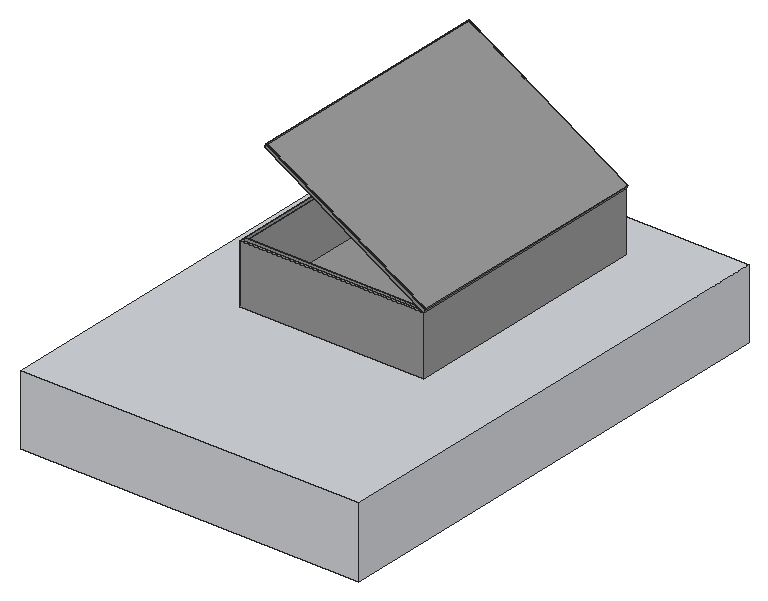
Revit family "Hager-Univers-IP55-D275-H1100-Cl.II-Steel_encl-ES-es", category Equipement électrique, Revit 2020
Family settings
  Hôte = Face
  Configuration du panneau = Deux colonnes, circuits au sein
  Cote de connecteur circulaire = Utiliser le diamètre
  Type d'élément = Tableau de raccordement
  Couper avec des vides une fois chargée = Non
  Partagée = Non
  Point de calcul de pièce = Non
Parameters (values of type "Montado superficial (escayola) IP55 A800 A1100 P275  - FR73S")
  Width Control [instance] = if([EF000008 - Anchura] > Min Width, [EF000008 - Anchura], Min Width)  # 800 mm
  Commentaires du type = [HG000003 - Gama]  # "Univers"
  Thickness Door [instance] = if([EF009171 - Espesor puerta/tapa] > 3 mm, 3 mm, [EF009171 - Espesor puerta/tapa])  # 1.5 mm
  Seal Frame Offset [instance] = 17 mm  # constant formula
  Plinth Visibility [instance] = [HG000027 - Altura de zócalo] > 0 mm  # no
  Model = ""
  Min Width [instance] = 100 mm  # constant formula
  Min Height [instance] = 100 mm  # constant formula
  Min Depth [instance] = (2 * [EF009170 - Espesor del material de la caja]) + 1 mm  # 4 mm
  Internal Frame Depth [instance] = (Door System Depth * 0.5)  # 9 mm
  Height Control [instance] = if([EF000040 - Altura] > Min Height, [EF000040 - Altura], Min Height)  # 1100 mm
  HG000027 - Altura de zócalo = 0 mm
  HG000026 - Instalación en suelo = no
  HG000024 - Altura de la sección inferior = 800 mm
  HG000023 - Caja de doble sección = no
  HG000016 - Visibilidad de la puerta 3D [instance] = yes
  HG000015 - Visibilidad a través de la puerta [instance] = no
  HG000014 - Puerta a la derecha [instance] = yes
  HG000013 - Puerta a la izquierda [instance] = not([HG000014 - Puerta a la derecha])  # no
  HG000012 - Ángulo de giro de la puerta [instance] = 30.00°
  HG000010 - Puertas asimétricas = no
  HG000009 - Puerta batiente doble = no
  HG000006 - Empotrado = no
  HG000004 - Referencia del fabricante = "FR73S"
  HG000003 - Gama = "Univers"
  HG000002 - Con puerta o tapa = yes
  Frame Offset Bottom [instance] = 10 mm  # constant formula
  Frame Offset [instance] = 15 mm  # constant formula
  EF015940 - Tapa con alivio de sobrepresión = no
  EF011959 - Grado de protección (NEMA) = ""
  EF009554 - Número de aberturas para placas-brida = 6
  Fabricant = "Hager"  # constant formula
  EF009212 - Versión de la cubierta = "EV000116 - Cerrado"
  EF009171 - Espesor puerta/tapa = 1.5 mm
  EF009170 - Espesor del material de la caja = 1.5 mm
  EF008873 - Corriente nominal (In) = 800 A
  EF007800 - Adecuado para la protección contra rayos = no
  EF006306 - Con cierre = no
  EF006244 - Tapa/puerta transparente = no
  EF005474 - Grado de protección (IP) = "EV006420 - IP55"
  EF004464 - Tipo de puerta = "EV002646 - Único"
  EF004427 - Número de módulos = 252
  EF004293 - Resistencia al impacto (IK) = "EV008784 - IK10"
  EF003532 - Adecuado para uso en exteriores = no
  EF002950 - Anchura de unidades de división = 24
  EF001613 - Integridad del circuito = "EV000494 - Ninguno"
  EF001596 - Material de la carcasa = "EV000179 - Acero"
  EF001131 - Profundidad interna = 275 mm
  EF001088 - Posibilidad de extensión = yes
  EF000437 - Número de entradas de conductos de cables = 6
  EF000339 - Tipo de cubierta = "EV004216 - Puerta"
  EF000266 - Número de filas = 7
  EF000218 - Profundidad de instalación = 0 mm
  EF000118 - Con placa de montaje = no
  EF000116 - Número RAL = "7035"
  EF000049 - Profundidad = 275 mm
  EF000040 - Altura = 1100 mm
  EF000008 - Anchura = 800 mm
  EF000007 - Color = "EV000270 - Gris"
  EF000003 - Tipo de montaje = "EV000384 - Montado superficial (escayola)"
  Door System Leaf Tolerance [instance] = 1.5 mm  # constant formula
  Door System Depth [instance] = 18 mm  # constant formula
  Door Height [instance] = Height Control - [HG000027 - Altura de zócalo]  # 1100 mm
  Depth Control [instance] = if([EF000049 - Profundidad] > Min Depth, [EF000049 - Profundidad], Min Depth)  # 275 mm
  Default Elevation = 0 mm
  Connector Offset [instance] = Height Control / 2  # 550 mm
  Bottom Top Plate Trim [instance] = 1.5 mm  # constant formula
  Plinth height Ctrl [instance] = if([HG000027 - Altura de zócalo] > 0 mm, [HG000027 - Altura de zócalo], 12 mm)  # 12 mm
Types (5, lengths in mm): name | Width Control | HG000010 - Puertas asimétricas | HG000009 - Puerta batiente doble | HG000004 - Referencia del fabricante | EF009554 - Número de aberturas para placas-brida | EF004464 - Tipo de puerta | EF004427 - Número de módulos | EF000437 - Número de entradas de conductos de cables | EF000008 - Anchura
  Montado superficial (escayola) IP55 A1050 A1100 P275  - FR74S | 1050 | no | yes | "FR74S" | 8 | "EV003602 - Doble" | 336 | 8 | 1050
  Montado superficial (escayola) IP55 A1300 A1100 P275  - FR75S | 1300 | yes | yes | "FR75S" | 10 | "EV003602 - Doble" | 420 | 10 | 1300
  Montado superficial (escayola) IP55 A300 A1100 P275  - FR71S | 300 | no | no | "FR71S" | 2 | "EV002646 - Único" | 84 | 2 | 300
  Montado superficial (escayola) IP55 A550 A1100 P275  - FR72S | 550 | no | no | "FR72S" | 4 | "EV002646 - Único" | 168 | 4 | 550
  Montado superficial (escayola) IP55 A800 A1100 P275  - FR73S | 800 | no | no | "FR73S" | 6 | "EV002646 - Único" | 252 | 6 | 800
Reference planes
  plane 1 "Center (Front/Back)": y = 0
  plane 2: z = 0
  plane 3 "Center (Left/Right)": x = 0
  plane 4: z = 275
  plane 5: y = 1.5
  plane 6: y = 550
  plane 7: y = 0
  plane 8: y = 1100
  plane 9: z = 0
  plane 10: x = -385
  plane 11: x = 385
  plane 12: x = 383.5
  plane 13: x = -383.5
  plane 14: y = 1098.5
  plane 15: x = -383
  plane 16: x = -400
  plane 17: x = 383
  plane 18: x = 400
  plane 19: x = 398.5
  plane 20: x = -398.5
  plane 21: y = 11.5
  plane 22: y = 1100
  plane 23: y = 1083.5
  plane 24: z = 257
  plane 25: z = 1.5
  plane 26: z = 255.5
  plane 27: z = 273.5
Forms (mm)
  Extrusion 1, solid
    sketch origin (0, 0, 0) x (1, 0, 0) y (0, 1, 0)
      loop
        line (-702.964, 1305) -> (-702.964, -811.445) -> (766.763, -811.445) -> (766.763, 1305) -> (-702.964, 1305)
    from 0 to -304.8
  Extrusion 2, solid, material "Hager_Steel_RAL7035_Light_Grey", visible <- "Plinth Visibility", detail levels medium+fine
    sketch origin (0, 0, 0) x (1, 0, 0) y (0, 1, 0)
      loop
        line (-400, 0) -> (400, 0) -> (400, 12) -> (-400, 12) -> (-400, 0)
    from 0 to 257
  Extrusion 3, solid, material "Hager_Steel_RAL7035_Light_Grey", detail levels medium+fine
    sketch origin (0, 0, 0) x (1, 0, 0) y (0, 1, 0)
      loop
        line (-400, 0) -> (400, 0) -> (400, 1100) -> (-400, 1100) -> (-400, 0)
    from 0 to 257
  Extrusion 4, void
    sketch origin (0, 0, 0) x (1, 0, 0) y (0, 1, 0)
      loop
        line (-398.5, 1.5) -> (398.5, 1.5) -> (398.5, 1098.5) -> (-398.5, 1098.5) -> (-398.5, 1.5)
    from 1.5 to 255.5
  Extrusion 5, void
    sketch origin (-381.607, -4572, 257) x (0, -1, 0) y (-1, 0, 0)
      loop
        line (-4583.5, 1.893) -> (-5655.5, 1.893) -> (-5655.5, -765.107) -> (-4583.5, -765.107) -> (-4583.5, 1.893)
    from 0 to 1.5 <- "EF009170 - Espesor del material de la caja"
  Extrusion 6, solid, material "Hager_Steel_RAL7035_Light_Grey", detail levels fine
    sketch origin (0, 0, 257) x (1, 0, 0) y (0, 1, 0)
      loop
        line (-383.5, 1083.5) -> (-383.5, 11.5) -> (383.5, 11.5) -> (383.5, 1083.5) -> (-383.5, 1083.5)
      loop
        line (-385, 10) -> (385, 10) -> (385, 1085) -> (-385, 1085) -> (-385, 10)
    from 0 to 9 <- "Internal Frame Depth"
  Extrusion 7, solid, material "Hager_Steel_RAL7035_Light_Grey", detail levels coarse
    sketch origin (0, 0, 0) x (1, 0, 0) y (0, 1, 0)
      loop
        line (-400, 0) -> (400, 0) -> (400, 1100) -> (-400, 1100) -> (-400, 0)
    from 0 to 275
  Sweep 8, void
    path in 3D
      loop
        line (-400, 12, 0) -> (400, 12, 0) -> (400, 12, 257) -> (-400, 12, 257) -> (-400, 12, 0)
    profile origin (-400, 12, 128.5) x (-1, 0, 0) y (0, -1, 0)
      loop
        line (0, 0) -> (0, 1.5) -> (-1.5, 1.5)
        arc (-1.5, 1.5) -> (-1.061, 0.439) -> (0, 0) r 1.5
Cuts and joins
  Extrusion 4, Extrusion 5 cuts Extrusion 3
  Sweep 8 cuts Extrusion 2
Lines and regions (mm)
  Masking region 1
    outline origin (0, 0, 0) x (1, 0, 0) y (0, 0, 1)
      loop
        line (-400, 275) -> (-400, 0) -> (400, 0) -> (400, 275) -> (-400, 275)
  Masking region 2, detail levels medium+fine
    outline origin (0, 140, 0) x (0, 1, 0) y (0, 0, 1)
      loop
        line (-140, 0) -> (960, 0) -> (960, 257) -> (-140, 257) -> (-140, 0)
  Masking region 3, not visible, detail levels medium+fine
    outline origin (0, 297.922, 0) x (0, 1, 0) y (0, 0, 1)
      loop
        line (263.578, 0) -> (303.578, 0) -> (303.578, 263.5)
        arc (303.578, 263.5) -> (300.649, 270.571) -> (293.578, 273.5) r 10
        line (293.578, 273.5) -> (263.578, 273.5) -> (263.578, 0)
  Masking region 4, detail levels coarse
    outline origin (0, 0, 180) x (0, 1, 0) y (0, 0, 1)
      loop
        line (0, -180) -> (1100, -180) -> (1100, 95) -> (0, 95) -> (0, -180)
  Masking region 5, visible <- "Plinth Visibility", detail levels medium+fine
    outline origin (0, 52.24, 12.345) x (0, 0, -1) y (0, 1, 0)
      loop
        line (10.845, -40.24) -> (-243.155, -40.24)
        arc (-243.155, -40.24) -> (-243.594, -41.301) -> (-244.655, -41.74) r 1.5
        line (-244.655, -41.74) -> (-244.655, -52.24) -> (12.345, -52.24) -> (12.345, -41.74)
        arc (12.345, -41.74) -> (11.285, -41.301) -> (10.845, -40.24) r 1.5
  Masking region 6, detail levels medium+fine
    outline origin (-381.607, -4572, 257) x (-1, 0, 0) y (0, -1, 0)
      loop
        line (18.393, -5672) -> (18.393, -4572) -> (-781.607, -4572) -> (-781.607, -5672) -> (18.393, -5672)
  Masking region 7, visible <- "Plinth Visibility", detail levels medium+fine
    outline origin (-381.607, -4727, 257) x (-1, 0, 0) y (0, -1, 0)
      loop
        arc (16.893, -4739) -> (17.332, -4737.939) -> (18.393, -4737.5) r 1.5
        line (18.393, -4737.5) -> (18.393, -4727) -> (-781.607, -4727) -> (-781.607, -4737.5)
        arc (-781.607, -4737.5) -> (-780.546, -4737.939) -> (-780.107, -4739) r 1.5
        line (-780.107, -4739) -> (16.893, -4739)
  Masking region 8, detail levels coarse
    outline origin (-442.548, -4669.526, 257) x (-1, 0, 0) y (0, -1, 0)
      loop
        line (-42.548, -5769.526) -> (-42.548, -4669.526) -> (-842.548, -4669.526) -> (-842.548, -5769.526) -> (-42.548, -5769.526)
  sketch lines
    curve 1: line (-400, 12, 257) -> (-400, 12, 0)
    curve 2: line (400, 12, 257) -> (-400, 12, 257)
    curve 3: line (400, 12, 257) -> (400, 12, 0)
    curve 4: line (-400, 12, 0) -> (400, 12, 0)
Dimensions and locks
  "Depth Control": plane 4 to Extrusion 1
  "HG000027 - Altura de zócalo": plane 1 "Center (Front/Back)" to plane 7
  "EF009170 - Espesor del material de la caja": plane 5 to plane 7
  locked: connector elem to plane 3 "Center (Left/Right)"
  equal spacing: plane 8, plane 6, plane 7
  locked: connector elem to plane 6
  "EF009170 - Espesor del material de la caja": plane 8 to plane 14
  "EF009170 - Espesor del material de la caja": plane 10 to plane 13
  "EF009170 - Espesor del material de la caja": plane 12 to plane 11
  "Frame Offset": plane 20 to plane 13
  "Frame Offset": plane 12 to plane 19
  "EF009170 - Espesor del material de la caja": plane 16 to plane 20
  "EF009170 - Espesor del material de la caja": plane 19 to plane 18
  "Seal Frame Offset": plane 16 to plane 15
  "Seal Frame Offset": plane 17 to plane 18
  "Frame Offset Bottom": plane 21 to plane 5
  "Frame Offset": plane 14 to plane 23
  equal spacing: plane 16, plane 3 "Center (Left/Right)", plane 18
  "Width Control": plane 16 to plane 18
  "EF009170 - Espesor del material de la caja": plane 4 to plane 27
  "EF009170 - Espesor del material de la caja": plane 24 to plane 26
  "EF009170 - Espesor del material de la caja": plane 25 to level
  "Door System Depth": plane 4 to plane 24
  "Height Control": plane 1 "Center (Front/Back)" to Extrusion 7 sketch curve
  "Height Control": Masking region 4 sketch curve to plane 1 "Center (Front/Back)"
  "Height Control": plane 1 "Center (Front/Back)" to plane 22
  "Bottom Top Plate Trim": profile plane to Sweep 8 sketch curve
  "Bottom Top Plate Trim": Sweep 8 sketch curve to profile plane
  "Plinth height Ctrl": plane 1 "Center (Front/Back)" to Extrusion 2 sketch curve
  "Plinth height Ctrl": Masking region 5 sketch curve to plane 1 "Center (Front/Back)"
  "Plinth height Ctrl": plane 1 "Center (Front/Back)" to Masking region 7 sketch curve
  "Thickness Door": Extrusion 6 sketch curve to Extrusion 6 sketch curve  (x3)
  "Thickness Door": cut or joined group of Extrusion 3, Extrusion 4, Extrusion 5 to Extrusion 6 sketch curve
  radius of Masking region 3 sketch curve = 10 mm
  "Bottom Top Plate Trim": radius of Masking region 5 sketch curve  (x2)
  "Bottom Top Plate Trim": radius of Sweep 8 sketch curve
  "Bottom Top Plate Trim": radius of Masking region 7 sketch curve  (x2)
  aligned and locked: plane 2 to Extrusion 1
  aligned and locked: level to Extrusion 1
  aligned and locked: level to Masking region 1 sketch curve
  aligned and locked: Masking region 1 sketch curve to plane 18
  aligned and locked: Masking region 1 sketch curve to plane 16
  aligned and locked: plane 7 to Masking region 2 sketch curve
  aligned and locked: level to Masking region 3 sketch curve
  aligned and locked: Masking region 3 sketch curve to plane 27
  aligned and locked: level to Masking region 2 sketch curve
  aligned and locked: plane 1 "Center (Front/Back)" to Extrusion 2 sketch curve
  aligned and locked: Extrusion 3 sketch curve to plane 7
  aligned and locked: plane 16 to Extrusion 3 sketch curve
  aligned and locked: plane 18 to Extrusion 3 sketch curve
  aligned and locked: plane 20 to Extrusion 4 sketch curve
  aligned and locked: plane 19 to Extrusion 4 sketch curve
  aligned and locked: Extrusion 4 sketch curve to plane 5
  aligned and locked: Extrusion 4 to plane 25
  aligned and locked: plane 26 to Extrusion 4
  aligned and locked: plane 24 to Extrusion 3
  aligned and locked: Extrusion 5 sketch curve to plane 21
  aligned and locked: Extrusion 5 sketch curve to plane 13
  aligned and locked: Extrusion 5 sketch curve to plane 12
  aligned and locked: plane 18 to Extrusion 7 sketch curve
  aligned and locked: plane 1 "Center (Front/Back)" to Extrusion 7 sketch curve
  aligned and locked: plane 16 to Extrusion 7 sketch curve
  aligned and locked: plane 4 to Extrusion 7
  aligned and locked: Extrusion 7 to level
  aligned and locked: level to Masking region 4 sketch curve
  aligned and locked: Masking region 4 sketch curve to plane 1 "Center (Front/Back)"
  aligned and locked: Masking region 4 sketch curve to plane 4
  aligned and locked: nested 1 to level
  aligned and locked: nested 1 to plane 16
  aligned and locked: plane 8 to Extrusion 3 sketch curve
  aligned and locked: plane 23 to Extrusion 5 sketch curve
  aligned and locked: plane 14 to Extrusion 4 sketch curve
  aligned and locked: Masking region 2 sketch curve to plane 8
  aligned and locked: level to Masking region 5 sketch curve
  aligned and locked: plane 16 to Extrusion 2 sketch curve
  aligned and locked: plane 18 to Extrusion 2 sketch curve
  aligned and locked: Masking region 5 sketch curve to plane 24
  aligned and locked: Masking region 2 sketch curve to plane 24
  aligned and locked: plane 24 to Extrusion 2
  aligned and locked: profile plane to Sweep 8 sketch curve  (x2)
  aligned and locked: Masking region 6 sketch curve to plane 18
  aligned and locked: Masking region 6 sketch curve to plane 22
  aligned and locked: Masking region 6 sketch curve to plane 16
  aligned and locked: plane 8 to plane 22
  aligned and locked: Masking region 6 sketch curve to plane 7
  aligned and locked: Masking region 7 sketch curve to plane 16
  aligned and locked: Masking region 7 sketch curve to plane 1 "Center (Front/Back)"
  aligned and locked: Masking region 7 sketch curve to plane 18
  aligned and locked: Masking region 8 sketch curve to plane 1 "Center (Front/Back)"
  aligned and locked: Masking region 8 sketch curve to plane 18
  aligned and locked: Masking region 8 sketch curve to plane 22
  aligned and locked: Masking region 8 sketch curve to plane 16
  aligned and locked: nested 2 to plane 7
  aligned and locked: plane 3 "Center (Left/Right)" to nested 2
  aligned and locked: nested 2 to plane 24
  aligned and locked: Extrusion 6 sketch curve to cut or joined group of Extrusion 3, Extrusion 4, Extrusion 5  (x4)
Automatic sketch dimensions
  Extrusion 1 sketch curve to Extrusion 1 sketch curve = 1469.727 mm
  Extrusion 1 sketch curve to Extrusion 1 sketch curve = 2116.445 mm
  Masking region 1 sketch curve to plane 4 = 0 mm
  plane 6 to Masking region 3 sketch curve = 11.5 mm
  Masking region 3 sketch curve to Masking region 3 sketch curve = 30 mm
  Masking region 5 sketch curve to plane 1 "Center (Front/Back)" = 0 mm
Nested families
  nested 1: "Hager_Enclosure_Symbol" at (-400, 0, 0) x (1, 0, 0) z (0, -1, 0), Height <- "Depth Control", Width <- "Width Control", type "Hager_Enclosure_Symbol"
    with Width_Ctrl 800 mm, Width 800 mm, Height_Ctrl 275 mm, Height 275 mm, A_Width_Int 18.047 mm, A_Width 216.562 mm, A_Height_Ctrl 240.625 mm, A_Height 240.625 mm
  nested 2: "EC000058_Univers_Door" at (0, 0, 257) x (1, 0, 0) z (0, 1, 0), Leaf_Tolerance <- "Door System Leaf Tolerance", Angle <- "HG000012 - Ángulo de giro de la puerta", Door_Depth <- "Door System Depth", Door_Left <- "HG000013 - Puerta a la izquierda", Transparent <- "EF006244 - Tapa/puerta transparente", Assymetrical <- "HG000010 - Puertas asimétricas", Width <- "Width Control", Clearance <- "HG000015 - Visibilidad a través de la puerta", Double <- "HG000009 - Puerta batiente doble", 3d_Door <- "HG000016 - Visibilidad de la puerta 3D", Lock_Visibility <- "EF006306 - Con cierre", Width_Ctrl <- "Width Control", Door_Right <- "HG000014 - Puerta a la derecha", Door <- "HG000002 - Con puerta o tapa", Height <- "Door Height", Thickness <- "Thickness Door", type "EC000058_Univers_Door", detail levels medium+fine
    with min_wh 4 mm, Width_Ctrl 800 mm, Width 800 mm, Transparent no, Thickness 1.5 mm, Seal_Material Hager_Rubber, Lock_Visibility no, Lock_Material Hager_Plastic_RAL9005_Jet_Black, Leaf_Width 800 mm, Leaf_Tolerance_External_Sides 0 mm, Leaf_Tolerance 1.5 mm, Leaf_Offset 0 mm, Leaf_Height 1097 mm, Leaf_2_Width 800 mm, Leaf_2_Offset 400 mm, Leaf_1_Width 800 mm, Leaf_1_Offset 400 mm, Height_Ctrl 1100 mm, Height 1100 mm, Glass_Material Hager_Glass, Double_Clearance_Ctrl no, Double no, Door_Right_Ctrl yes, Door_Right yes, Door_Material Hager_Steel_RAL7035_Light_Grey, Door_Left_Ctrl no, Door_Left no, Door_Depth 18 mm, Door yes, Clearance_Material Hager_Clearance, Clearance_Depth 800 mm, Clearance_Ctrl no, Clearance no, Assymetrical no, Angle 30.00°, 3d_Door yes
Connectors
  electrical at (0, 550, 0)
    settings: on plane 9, index 1, voltage 0 V, apparent load 0 VA, apparent load phase1 0 VA, apparent load phase2 0 VA, apparent load phase3 0 VA, power factor 1, load classification "Other", number of poles 1, system type 30, power factor state 1, is connector primary yes, connector utility no, sub classification motor no, connector description ""
Definition of nested family "EC000058_Univers_Door"
  Parameters (values of type "EC000058_Univers_Door")
    min_wh [instance] = (2 * Thickness) + 1 mm  # 11 mm
    Width_Ctrl [instance] = 400 mm
    Width [instance] = 500 mm
    Transparent [instance] = yes
    Thickness [instance] = 5 mm
    Seal_Material [instance] = none
    Lock_Visibility [instance] = yes
    Lock_Material [instance] = none
    Leaf_Width [instance] = if((Width_Ctrl - 2 * Leaf_Tolerance_External_Sides) > 0 mm, (Width_Ctrl - 2 * Leaf_Tolerance_External_Sides), min_wh)  # 400 mm
    Leaf_Tolerance_External_Sides [instance] = 0 mm  # constant formula
    Leaf_Tolerance [instance] = 1.5 mm
    Leaf_Offset [instance] = 0 mm  # constant formula
    Leaf_Height [instance] = if((Height_Ctrl - 2 * Leaf_Tolerance) > 0 mm, (Height_Ctrl - 2 * Leaf_Tolerance), min_wh)  # 497 mm
    Leaf_2_Width [instance] = if(and(and(Double, Assymetrical), Door_Left), (Leaf_Width / 3) - (Leaf_Tolerance / 2), if(and(and(Double, Assymetrical), Door_Right), (Leaf_Width / 3) * 2 - (Leaf_Tolerance / 2), if(and(Double, not(Assymetrical)), (Leaf_Width / 2) - Leaf_Tolerance, Leaf_Width)))  # 400 mm
    Leaf_2_Offset [instance] = if(and(Double, Assymetrical), Leaf_2_Width / 2, if(and(Double, not(Assymetrical)), Leaf_Width / 4, Leaf_Width / 2))  # 200 mm
    Leaf_1_Width [instance] = if(and(and(Double, Assymetrical), Door_Right), (Leaf_Width / 3) - (Leaf_Tolerance / 2), if(and(and(Double, Assymetrical), Door_Left), (Width / 3) * 2 - (Leaf_Tolerance / 2), if(and(Double, not(Assymetrical)), (Leaf_Width / 2) - Leaf_Tolerance, Leaf_Width)))  # 400 mm
    Leaf_1_Offset [instance] = if(and(Double, Assymetrical), Leaf_1_Width / 2, if(and(Double, not(Assymetrical)), Leaf_Width / 4, Leaf_Width / 2))  # 200 mm
    Height_Ctrl [instance] = if(Height > min_wh, Height, min_wh)  # 500 mm
    Height [instance] = 500 mm
    Glass_Material [instance] = none
    Double_Clearance_Ctrl [instance] = and(Double, Clearance)  # no
    Double [instance] = no
    Door_Right_Ctrl [instance] = and(or(Door_Right, Double), Door)  # yes
    Door_Right [instance] = yes
    Door_Material [instance] = none
    Door_Left_Ctrl [instance] = and(or(Door_Left, Double), Door)  # no
    Door_Left [instance] = no
    Door_Depth [instance] = 30 mm
    Door [instance] = yes
    Default Elevation = 1219.2 mm
    Clearance_Material [instance] = none
    Clearance_Depth [instance] = if(Leaf_1_Width > Leaf_2_Width, Leaf_1_Width, Leaf_2_Width)  # 400 mm
    Clearance_Ctrl [instance] = and(not(Double), Clearance)  # yes
    Clearance [instance] = yes
    Assymetrical [instance] = yes
    Angle [instance] = 30.00°
    3d_Door [instance] = yes
  Reference planes
    plane 1 "Center (Front/Back)": y = 0
    plane 2 "Bottom": z = 0
    plane 3 "Center (Left/Right)": x = 0
    plane 4: z = 500
    plane 5: x = -200
    plane 6: x = 200
    plane 7: z = 500
    plane 8: x = -200
    plane 9: z = 0
    plane 10: x = 200
    plane 11: y = 0
    plane 12: z = 1.5
    plane 13: x = -600
    plane 14: y = -400
    plane 15: x = 600
    plane 16: x = 0
    plane 17: x = 0
    plane 18: x = -200
    plane 19: x = 200
    plane 20: z = 498.5
  Forms (mm)
    Extrusion 1, solid, material <- "Clearance_Material", visible <- "Double_Clearance_Ctrl"
      sketch origin (1200, 0, 0) x (1, 0, 0) y (0, 0, -1)
        loop
          line (-1800, -498.5) -> (-600, -498.5) -> (-600, 0) -> (-1800, 0) -> (-1800, -498.5)
      from 0 to -400
  Dimensions and locks
    equal spacing: plane 5, plane 3 "Center (Left/Right)", plane 6
    "Width_Ctrl": plane 5 to plane 6
    "Leaf_Offset": plane 5 to plane 8
    "Leaf_Offset": plane 6 to plane 10
    "Leaf_Offset": plane 9 to level
    "Leaf_Offset": plane 4 to plane 7
    "Height_Ctrl": plane 4 to level
    "Leaf_Tolerance": plane 12 to plane 9
    locked: plane 11 to plane 1 "Center (Front/Back)"
    "Leaf_1_Offset": plane 18 to plane 16
    "Leaf_2_Offset": plane 17 to plane 19
    "Leaf_1_Width": plane 13 to plane 8
    "Leaf_2_Width": plane 10 to plane 15
    "Clearance_Depth": plane 14 to plane 1 "Center (Front/Back)"
    "Leaf_Tolerance_External_Sides": plane 8 to plane 18
    "Leaf_Tolerance_External_Sides": plane 19 to plane 10
    "Leaf_Tolerance": plane 7 to plane 20
    aligned and locked: level to plane 2 "Bottom"
    aligned and locked: nested 1 to plane 16
    aligned and locked: nested 2 to plane 17
    aligned and locked: Extrusion 1 to plane 13
    aligned and locked: plane 15 to Extrusion 1
    aligned and locked: Extrusion 1 to plane 14
    aligned and locked: plane 12 to nested 1
    aligned and locked: nested 2 to plane 12
    aligned and locked: Extrusion 1 to plane 11
    aligned and locked: plane 20 to Extrusion 1
    aligned and locked: nested 2 to plane 11
    aligned and locked: nested 1 to plane 11
  Automatic sketch dimensions
    Extrusion 1 sketch curve to level = 0 mm
    plane 5 to Extrusion 1 sketch curve = 400 mm
    plane 6 to Extrusion 1 sketch curve = 400 mm
    Extrusion 1 sketch curve to plane 4 = 1.5 mm
  Nested families
    nested 1: "EC000058_Univers_Door_Leaf" at (0, 0, 1.5), Width <- "Leaf_1_Width", visible <- "Door_Left_Ctrl", Leaf_Height <- "Leaf_Height", Angle <- "Angle", 3d_Door <- "3d_Door", Transparent <- "Transparent", Clearance Material <- "Clearance_Material", Clearance <- "Clearance_Ctrl", Door_Material <- "Door_Material", Glass_Material <- "Glass_Material", Door_Depth <- "Door_Depth", Lock_Material <- "Lock_Material", Seal_Material <- "Seal_Material", Lock_Visibility <- "Lock_Visibility", Thickness <- "Thickness", type "EC000058_Univers_Door_Leaf"
      with Width 400 mm, Transparent_Glass_Offset 30 mm, Transparent_Ctrl yes, Transparent yes, Thickness 5 mm, Standard no, Seal_Material none, Seal_D2 8 mm, Seal_D1 1 mm, Offset_Internal_Frame 10 mm, Lock_Width 20 mm, Lock_Visibility_3d yes, Lock_Visibility yes, Lock_Thickness_3 3 mm, Lock_Thickness_2 1 mm, Lock_Thickness_1 3 mm, Lock_Radius_Offset_2 16 mm, Lock_Radius_Offset_1 15 mm, Lock_Radius_2 5 mm, Lock_Radius 6 mm, Lock_Offset 5 mm, Lock_Material none, Lock_Height 80 mm, Lock_Cover_Top_Offset_2d 17 mm, Lock_Cover_Height -65 mm, Leaf_Height 497 mm, Internal_Seal_Thickness 8 mm, Internal_Seal_Depth_2 4.5 mm, Internal_Frame_Depth 25 mm, Glass_Thickness -1 mm, Glass_Offset -2 mm, Glass_Material none, Door_Material none, Door_Depth 30 mm, Clearance Material none, Clearance yes, Angle_Ctrl 30.00°, Angle 30.00°, 3d_Door yes
    nested 2: "EC000058_Univers_Door_Leaf" at (0, 0, 1.5) x (-1, 0, 0) z (0, 0, 1), Width <- "Leaf_2_Width", visible <- "Door_Right_Ctrl", Leaf_Height <- "Leaf_Height", Angle <- "Angle", 3d_Door <- "3d_Door", Transparent <- "Transparent", Clearance Material <- "Clearance_Material", Clearance <- "Clearance_Ctrl", Door_Material <- "Door_Material", Glass_Material <- "Glass_Material", Door_Depth <- "Door_Depth", Lock_Material <- "Lock_Material", Seal_Material <- "Seal_Material", Lock_Visibility <- "Lock_Visibility", Thickness <- "Thickness", type "EC000058_Univers_Door_Leaf"
      with Width 400 mm, Transparent_Glass_Offset 30 mm, Transparent_Ctrl yes, Transparent yes, Thickness 5 mm, Standard no, Seal_Material none, Seal_D2 8 mm, Seal_D1 1 mm, Offset_Internal_Frame 10 mm, Lock_Width 20 mm, Lock_Visibility_3d yes, Lock_Visibility yes, Lock_Thickness_3 3 mm, Lock_Thickness_2 1 mm, Lock_Thickness_1 3 mm, Lock_Radius_Offset_2 16 mm, Lock_Radius_Offset_1 15 mm, Lock_Radius_2 5 mm, Lock_Radius 6 mm, Lock_Offset 5 mm, Lock_Material none, Lock_Height 80 mm, Lock_Cover_Top_Offset_2d 17 mm, Lock_Cover_Height -65 mm, Leaf_Height 497 mm, Internal_Seal_Thickness 8 mm, Internal_Seal_Depth_2 4.5 mm, Internal_Frame_Depth 25 mm, Glass_Thickness -1 mm, Glass_Offset -2 mm, Glass_Material none, Door_Material none, Door_Depth 30 mm, Clearance Material none, Clearance yes, Angle_Ctrl 30.00°, Angle 30.00°, 3d_Door yes
  Definition of nested family "EC000058_Univers_Door_Leaf"
    Parameters (values of type "EC000058_Univers_Door_Leaf")
      Width [instance] = 2000 mm
      Transparent_Glass_Offset [instance] = 30 mm
      Transparent_Ctrl [instance] = and(Transparent, [3d_Door])  # yes
      Transparent [instance] = yes
      Thickness [instance] = 5 mm
      Standard [instance] = and(not(Transparent), [3d_Door])  # no
      Seal_Material [instance] = none
      Seal_D2 [instance] = 8 mm  # constant formula
      Seal_D1 [instance] = 1 mm  # constant formula
      Offset_Internal_Frame [instance] = 10 mm  # constant formula
      Lock_Width [instance] = 20 mm  # constant formula
      Lock_Visibility_3d [instance] = and(Lock_Visibility, [3d_Door])  # yes
      Lock_Visibility [instance] = yes
      Lock_Thickness_3 [instance] = 3 mm  # constant formula
      Lock_Thickness_2 [instance] = 1 mm  # constant formula
      Lock_Thickness_1 [instance] = 3 mm  # constant formula
      Lock_Radius_Offset_2 [instance] = Lock_Radius_Offset_1 + 1 mm  # 16 mm
      Lock_Radius_Offset_1 [instance] = 15 mm  # constant formula
      Lock_Radius_2 [instance] = Lock_Radius - 1 mm  # 5 mm
      Lock_Radius [instance] = 6 mm  # constant formula
      Lock_Offset [instance] = 5 mm  # constant formula
      Lock_Material [instance] = none
      Lock_Height [instance] = 80 mm  # constant formula
      Lock_Cover_Top_Offset_2d [instance] = Lock_Radius_Offset_2 + 1 mm  # 17 mm
      Lock_Cover_Height [instance] = -(Lock_Height - Lock_Radius_Offset_1)  # -65 mm
      Leaf_Height [instance] = 2720.336 mm
      Internal_Seal_Thickness [instance] = 8 mm  # constant formula
      Internal_Seal_Depth_2 [instance] = 4.5 mm  # constant formula
      Internal_Frame_Depth [instance] = if(Door_Depth - Thickness > 5 mm, Door_Depth - Thickness, 5 mm)  # 25 mm
      Glass_Thickness [instance] = if(Thickness > 15 mm, Glass_Offset + 10 mm, -1 mm)  # -1 mm
      Glass_Offset [instance] = if(Thickness > 15 mm, -(Thickness + 10 mm) / 2, -2 mm)  # -2 mm
      Glass_Material [instance] = none
      Door_Material [instance] = none
      Door_Depth [instance] = 30 mm
      Default Elevation = 0 mm
      Clearance Material [instance] = none
      Clearance [instance] = yes
      Angle_Ctrl [instance] = if(Angle > 180.00°, 180.00°, Angle)  # 90.00°
      Angle [instance] = 90.00°
      3d_Door [instance] = yes
    Reference planes
      plane 1 "Center (Front/Back)": y = 0
      plane 2: z = 0
      plane 3 "Center (Left/Right)": x = 0
      plane 4: y = 2000
      plane 5: x = -1000
      plane 6: x = 1000
      plane 7: x = -3000
      plane 8: z = 2720.336
      plane 9: z = 30
      plane 10: z = 2690.336
      plane 11: x = 970
      plane 12: x = -970
      plane 13: y = -3
      plane 14: z = 107.833
      plane 15: y = -5
      plane 16: y = -223.314
      plane 17: x = -1000
      plane 18: z = 1360.168
      plane 19: y = 30
    Forms (mm)
      Extrusion 1, solid, material <- "Clearance Material", visible <- "Clearance"
        sketch origin (0, 0, 0) x (1, 0, 0) y (0, 0, 1)
          loop
            line (-3000, 2720.336) -> (-3000, 0) -> (1000, 0) -> (1000, 2720.336) -> (-3000, 2720.336)
        from 0 to -2000
      Extrusion 2, solid, material <- "Door_Material", visible <- "Standard", detail levels medium+fine
        sketch origin (-1000, 0, 0) x (0, 1, 0) y (-1, 0, 0)
          loop
            line (0, 30) -> (0, 25) -> (2000, 25) -> (2000, 30) -> (0, 30)
        from 0 to 2720.336 <- "Leaf_Height"
      Extrusion 3, solid, material <- "Door_Material", visible <- "Transparent_Ctrl", detail levels medium+fine
        sketch origin (-1000, 0, 0) x (0, 1, 0) y (-1, 0, 0)
          loop
            line (0, 25) -> (2000, 25) -> (2000, 30) -> (0, 30) -> (0, 25)
        from 0 to 2720.336 <- "Leaf_Height"
      Extrusion 4, void
        sketch origin (-1025, 2000, 0) x (0, 1, 0) y (0, 0, -1)
          loop
            line (-30, -2690.336) -> (-30, -30) -> (-1970, -30) -> (-1970, -2690.336) -> (-30, -2690.336)
        from 0 to 5 <- "Thickness"
      Sweep 5, solid, material <- "Seal_Material", visible <- "Transparent_Ctrl", detail levels fine
        path in 3D
          loop
            line (-1025, 30, 30) -> (-1025, 30, 2690.336) -> (-1025, 1970, 2690.336) -> (-1025, 1970, 30) -> (-1025, 30, 30)
        profile origin (-1025, 1000, 30) x (1, 0, 0) y (0, 0, 1)
          loop
            line (0, 0) -> (0, -8) -> (1, -8) -> (1, 0) -> (0, 0)
      Extrusion 6, solid, material <- "Glass_Material", visible <- "Transparent_Ctrl", detail levels medium+fine
        sketch origin (-1030, 0, 0) x (0, 1, 0) y (0, 0, -1)
          loop
            line (1970, -2690.336) -> (1970, -30) -> (30, -30) -> (30, -2690.336) -> (1970, -2690.336)
        from -2 <- "Glass_Offset" to -1 <- "Glass_Thickness"
      Extrusion 7, solid, material <- "Door_Material", visible <- "3d_Door", detail levels medium+fine
        sketch origin (-1025, 2000, 0) x (0, -1, 0) y (0, 0, -1)
          loop
            line (0, -2720.336) -> (2000, -2720.336) -> (2000, 0) -> (0, 0) -> (0, -2720.336)
          loop
            line (1995, -5) -> (5, -5) -> (5, -2715.336) -> (1995, -2715.336) -> (1995, -5)
        from 0 to 25 <- "Internal_Frame_Depth"
      Sweep 8, solid, material <- "Seal_Material", visible <- "Transparent_Ctrl", detail levels fine
        path in 3D
          loop
            line (-1025, 0, 0) -> (-1025, 2000, 0) -> (-1025, 2000, 2720.336) -> (-1025, 0, 2720.336) -> (-1025, 0, 0)
        profile origin (-1025, 0, 1360.168) x (1, 0, 0) y (0, 1, 0)
          loop
            line (0, 10) -> (2.975, 10)
            arc (2.975, 10) -> (4.053, 10.447) -> (4.5, 11.525) r 1.525
            line (4.5, 11.525) -> (4.5, 16.527)
            arc (4.5, 16.527) -> (4.069, 17.569) -> (3.027, 18) r 1.473
            line (3.027, 18) -> (0, 18) -> (0, 10)
      Extrusion 9, solid, material <- "Lock_Material", visible <- "Lock_Visibility_3d", detail levels fine
        sketch origin (-1030, 0, 0) x (0, 1, 0) y (0, 0, -1)
          loop
            arc (1993.5, -1400.168) -> (1994.561, -1399.729) -> (1995, -1398.668) r 1.5
            line (1995, -1398.668) -> (1995, -1320.168) -> (1975, -1320.168) -> (1975, -1398.668)
            arc (1975, -1398.668) -> (1975.439, -1399.729) -> (1976.5, -1400.168) r 1.5
            line (1976.5, -1400.168) -> (1993.5, -1400.168)
        from 3 <- "Lock_Thickness_1" to 0
      Blend 10, solid, material <- "Lock_Material", visible <- "Lock_Visibility_3d", detail levels fine
        base sketch origin (-1033, 0, 0) x (0, 1, 0) y (0, 0, -1)
          loop
            line (1975, -1320.168) -> (1975, -1398.668)
            arc (1975, -1398.668) -> (1975.439, -1399.729) -> (1976.5, -1400.168) r 1.5
            line (1976.5, -1400.168) -> (1993.5, -1400.168)
            arc (1993.5, -1400.168) -> (1994.561, -1399.729) -> (1995, -1398.668) r 1.5
            line (1995, -1398.668) -> (1995, -1320.168) -> (1975, -1320.168)
        top sketch origin (-1033, 0, 0) x (0, 1, 0) y (0, 0, -1)
          loop
            line (1976, -1320.168) -> (1976, -1398.668)
            arc (1976, -1398.668) -> (1976.146, -1399.022) -> (1976.5, -1399.168) r 0.5
            line (1976.5, -1399.168) -> (1993.5, -1399.168)
            arc (1993.5, -1399.168) -> (1993.854, -1399.022) -> (1994, -1398.668) r 0.5
            line (1994, -1398.668) -> (1994, -1320.168) -> (1976, -1320.168)
        from 0 to 1 <- "Lock_Thickness_2"
      Blend 11, solid, material <- "Lock_Material", visible <- "Lock_Visibility_3d", detail levels fine
        base sketch origin (-1034, 0, 0) x (0, 1, 0) y (0, 0, -1)
          loop
            line (1978, -1320.168) -> (1978, -1384.168)
            arc (1978, -1384.168) -> (1985, -1391.168) -> (1992, -1384.168) r 7
            line (1992, -1384.168) -> (1992, -1320.168) -> (1978, -1320.168)
        top sketch origin (-1034, 0, 0) x (0, 1, 0) y (0, 0, -1)
          loop
            line (1991, -1320.168) -> (1979, -1320.168) -> (1979, -1383.168)
            arc (1979, -1383.168) -> (1985, -1389.168) -> (1991, -1383.168) r 6
            line (1991, -1383.168) -> (1991, -1320.168)
        from 0 to 3 <- "Lock_Thickness_3"
      Extrusion 12, solid, material <- "Lock_Material", visible <- "Lock_Visibility_3d", detail levels fine
        sketch origin (-1030, 1975, 1320.168) x (1, 0, 0) y (0, -1, 0)
          loop
            line (-7, -19) -> (-7, -1) -> (0, -1) -> (0, 0) -> (-8, 0) -> (-8, -20) -> (0, -20) -> (0, -19) -> (-7, -19)
        from 0 to -65 <- "Lock_Cover_Height"
      Extrusion 13, void
        sketch origin (-1038, 1995, 1320.168) x (-1, 0, 0) y (0, 0, -1)
          loop
            line (-5, -65) -> (0, -65) -> (-5, -60) -> (-5, -65)
        from 0 to 20 <- "Lock_Width"
      Extrusion 14, void
        sketch origin (-1038, 1975, 1320.168) x (0, -1, 0) y (0, 0, -1)
          loop
            circle (-10, -15.995) r 6
          loop
            circle (-10, -15.995) r 5
        from 0 to 2
      Extrusion 15, solid, material <- "Lock_Material", visible <- "Lock_Visibility_3d", detail levels medium
        sketch origin (-1030, 0, 0) x (0, 1, 0) y (0, 0, -1)
          loop
            arc (1993.5, -1400.168) -> (1994.561, -1399.729) -> (1995, -1398.668) r 1.5
            line (1995, -1398.668) -> (1995, -1320.168) -> (1975, -1320.168) -> (1975, -1398.668)
            arc (1975, -1398.668) -> (1975.439, -1399.729) -> (1976.5, -1400.168) r 1.5
            line (1976.5, -1400.168) -> (1993.5, -1400.168)
        from 8 to 0
    Cuts and joins
      Extrusion 4 cuts Extrusion 3
      Extrusion 13, Extrusion 14 cuts Extrusion 9
      Extrusion 14 cuts Blend 11
      Extrusion 13, Extrusion 14 cuts Extrusion 12
      joined: Extrusion 9, Blend 10, Blend 11, Extrusion 12
      Extrusion 14 cuts Extrusion 15
    Lines and regions (mm)
      Masking region 1, visible <- "Lock_Visibility", detail levels fine
        outline origin (0, 0, 0) x (0, 1, 0) y (0, 0, 1)
          loop
            line (30, 1320.168) -> (33, 1320.168) -> (33, 1400.168) -> (30, 1400.168) -> (30, 1320.168)
      Masking region 2, visible <- "Lock_Visibility", detail levels fine
        outline origin (0, 3.143, 0) x (0, 1, 0) y (0, 0, 1)
          loop
            line (29.857, 1354.168) -> (30.857, 1354.168) -> (30.857, 1366.168) -> (29.857, 1366.168) -> (29.857, 1354.168)
      Masking region 3, detail levels medium+fine
        outline origin (0, 0, 0) x (0, 1, 0) y (0, 0, 1)
          loop
            line (0, 0) -> (30, 0) -> (30, 2720.336) -> (0, 2720.336) -> (0, 0)
      Masking region 4, detail levels medium+fine
        outline origin (0, 0, 0) x (1, 0, 0) y (0, 0, 1)
          loop
            line (-1000, 2720.336) -> (-1000, 0) -> (1000, 0) -> (1000, 2720.336) -> (-1000, 2720.336)
      Masking region 5, visible <- "Lock_Visibility", detail levels fine
        outline origin (-47.116, 0, 0) x (1, 0, 0) y (0, 0, 1)
          loop
            arc (1024.616, 1399.168) -> (1023.556, 1398.729) -> (1023.116, 1397.668) r 1.5
            line (1023.116, 1397.668) -> (1023.116, 1320.168) -> (1041.116, 1320.168) -> (1041.116, 1397.668)
            arc (1041.116, 1397.668) -> (1040.677, 1398.729) -> (1039.616, 1399.168) r 1.5
            line (1039.616, 1399.168) -> (1024.616, 1399.168)
      Masking region 6, visible <- "Lock_Visibility", detail levels medium+fine
        outline origin (-25, 0, 0) x (1, 0, 0) y (0, 0, 1)
          loop
            arc (1001.5, 1400.168) -> (1000.439, 1399.729) -> (1000, 1398.668) r 1.5
            line (1000, 1398.668) -> (1000, 1320.168) -> (1020, 1320.168) -> (1020, 1398.668)
            arc (1020, 1398.668) -> (1019.561, 1399.729) -> (1018.5, 1400.168) r 1.5
            line (1018.5, 1400.168) -> (1001.5, 1400.168)
      Masking region 7, visible <- "Lock_Visibility", detail levels fine
        outline origin (-73.735, 0, 0) x (1, 0, 0) y (0, 0, 1)
          loop
            line (1051.735, 1382.168) -> (1065.735, 1382.168) -> (1065.735, 1384.168)
            arc (1065.735, 1384.168) -> (1058.735, 1391.168) -> (1051.735, 1384.168) r 7
            line (1051.735, 1384.168) -> (1051.735, 1382.168)
      Masking region 8, visible <- "Lock_Visibility", detail levels fine
        outline origin (-73.735, 0, 0) x (1, 0, 0) y (0, 0, 1)
          loop
            line (1052.735, 1382.168) -> (1064.735, 1382.168) -> (1064.735, 1383.168)
            arc (1064.735, 1383.168) -> (1058.735, 1389.168) -> (1052.735, 1383.168) r 6
            line (1052.735, 1383.168) -> (1052.735, 1382.168)
      Masking region 9, visible <- "Lock_Visibility", detail levels fine
        outline origin (-25, 0, 0) x (1, 0, 0) y (0, 0, 1)
          loop
            line (1020, 1320.168) -> (1020, 1382.168) -> (1000, 1382.168) -> (1000, 1320.168) -> (1020, 1320.168)
      Masking region 10, detail levels medium+fine
        outline origin (0, 0, 0) x (1, 0, 0) y (0, 0, 1)
          loop
            circle (985, 1335.144) r 6
      Masking region 11, detail levels fine
        outline origin (0, 0, 0) x (1, 0, 0) y (0, 0, 1)
          loop
            circle (985, 1335.144) r 5
      Masking region 12, visible <- "Lock_Visibility", detail levels fine
        outline origin (0, 12.767, 0) x (0, 1, 0) y (0, 0, 1)
          loop
            line (20.233, 1320.168) -> (21.233, 1320.168) -> (21.233, 1399.168) -> (20.233, 1400.168) -> (20.233, 1320.168)
      Masking region 13, visible <- "Lock_Visibility", detail levels fine
        outline origin (0, 13.767, -10) x (0, 1, 0) y (0, 0, 1)
          loop
            line (20.233, 1330.168) -> (23.233, 1330.168) -> (23.233, 1399.168) -> (20.233, 1402.168) -> (20.233, 1330.168)
      Masking region 14, visible <- "Lock_Visibility", detail levels fine
        outline origin (0, 12.767, -10) x (0, 1, 0) y (0, 0, 1)
          loop
            line (20.233, 1330.168) -> (25.233, 1330.168) -> (25.233, 1399.305) -> (20.233, 1394.305) -> (20.233, 1330.168)
      Masking region 15, visible <- "Lock_Visibility", detail levels medium
        outline origin (0, 0, 0) x (0, 1, 0) y (0, 0, 1)
          loop
            line (30, 1320.168) -> (38, 1320.168) -> (38, 1400.168) -> (30, 1400.168) -> (30, 1320.168)
      Masking region 16, visible <- "Lock_Visibility", detail levels fine
        outline origin (-1000, 0, 0) x (0, 1, 0) y (-1, 0, 0)
          loop
            line (1975, 30) -> (1995, 30) -> (1995, 38) -> (1975, 38) -> (1975, 30)
          loop
            line (1979, 37) -> (1976, 37) -> (1976, 34) -> (1978, 34) -> (1979, 37)
          loop
            line (1994, 37) -> (1991, 37) -> (1992, 34) -> (1994, 34) -> (1994, 37)
      Masking region 17, visible <- "Lock_Visibility", detail levels medium
        outline origin (-1000, 0, 0) x (0, 1, 0) y (-1, 0, 0)
          loop
            line (1975, 30) -> (1995, 30) -> (1995, 38) -> (1975, 38) -> (1975, 30)
      symbolic lines
        curve 1: line (1000, 0, 0) -> (-3000, 0, 0)
        curve 2: arc (1000, 0, 0) -> (-1000, 2000, 0) -> (-3000, 0, 0) r 2000
        curve 4: line (-1030, 0, 0) -> (-1030, 2000, 0)
      reference lines
        curve 3: line (-1000, 0, 0) -> (-1000, 2000, 0)
      symbolic lines, detail levels medium+fine
        curve 5: line (-1030, 2000, 0) -> (-1025, 2000, 0)
        curve 7: line (-1025, 0, 0) -> (-1030, 0, 0)
        curve 8: line (-1025, 0, 0) -> (-1000, 0, 0)
        curve 9: line (-1000, 0, 0) -> (-1000, 2000, 0)
        curve 10: line (-1000, 2000, 0) -> (-1025, 2000, 0)
      symbolic lines, detail levels fine
        curve 6: line (-1025, 2000, 0) -> (-1025, 0, 0)
      sketch lines
        curve 11: line (-1025, 0, 2720.336) -> (-1025, 0, 0)
        curve 12: line (-1025, 2000, 0) -> (-1025, 0, 0)
        curve 13: line (-1025, 2000, 2720.336) -> (-1025, 2000, 0)
        curve 14: line (-1025, 0, 2720.336) -> (-1025, 2000, 2720.336)
        curve 15: line (-1025, 1970, 30) -> (-1025, 30, 30)
        curve 16: line (-1025, 30, 30) -> (-1025, 30, 2690.336)
        curve 17: line (-1025, 1970, 2690.336) -> (-1025, 1970, 30)
        curve 18: line (-1025, 30, 2690.336) -> (-1025, 1970, 2690.336)
      symbolic lines, visible <- "Transparent", detail levels medium+fine
        curve 19: line (-970, 0, 2690.336) -> (970, 0, 2690.336)
        curve 20: line (-970, 0, 30) -> (-970, 0, 2690.336)
        curve 21: line (970, 0, 30) -> (-970, 0, 30)
        curve 22: line (970, 0, 2690.336) -> (970, 0, 30)
    Dimensions and locks
      "Width": plane 1 "Center (Front/Back)" to plane 4
      equal spacing: plane 5, plane 3 "Center (Left/Right)", plane 6
      "Width": plane 5 to plane 6
      "Width": plane 7 to plane 5
      "Leaf_Height": plane 8 to level
      "Width": curve 5 to curve 3
      "Width": curve 3 to curve 3
      plane 8 to plane 10 = 30 mm
      plane 9 to level = 30 mm
      plane 12 to plane 5 = 30 mm
      plane 6 to plane 11 = 30 mm
      Extrusion 1 to Extrusion 4 sketch curve = 30 mm
      "Transparent_Glass_Offset": curve 3 to Extrusion 4 sketch curve
      "Transparent_Glass_Offset": Extrusion 4 sketch curve to cut or joined group of Extrusion 3, Extrusion 4  (x2)
      cut or joined group of Extrusion 3, Extrusion 4 to Extrusion 6 sketch curve = 30 mm
      "Transparent_Glass_Offset": cut or joined group of Extrusion 3, Extrusion 4 to Extrusion 4 sketch curve
      "Thickness": curve 6 to curve 4
      "Thickness": Extrusion 7 sketch curve to Extrusion 7 sketch curve  (x4)
      "Door_Depth": curve 4 to curve 3
      "Offset_Internal_Frame": profile plane to Sweep 8 sketch curve
      "Internal_Seal_Thickness": Sweep 8 sketch curve to Sweep 8 sketch curve
      "Internal_Seal_Depth_2": profile plane to Sweep 8 sketch curve
      "Seal_D1": profile plane to Sweep 5 sketch curve
      "Seal_D2": profile plane to Sweep 5 sketch curve
      "Thickness": Extrusion 2 sketch curve to Extrusion 2 sketch curve
      equal spacing: Extrusion 9 sketch curve, plane 18, Extrusion 9 sketch curve  (x2)
      equal spacing: Masking region 1 sketch curve, plane 18, Masking region 1 sketch curve
      "Lock_Height": Masking region 1 sketch curve to Masking region 1 sketch curve
      "Lock_Radius": Masking region 2 sketch curve to plane 18 to Masking region 2 sketch curve
      Masking region 2 sketch curve to Masking region 1 = 1 mm
      "Door_Depth": plane 19 to plane 1 "Center (Front/Back)"
      "Lock_Thickness_1": Masking region 1 sketch curve to plane 19
      "Lock_Width": Extrusion 9 sketch curve to Extrusion 9 sketch curve
      "Lock_Height": Extrusion 9 sketch curve to Extrusion 9 sketch curve
      "Lock_Offset": cut or joined group of Extrusion 3, Extrusion 4 to Extrusion 9 sketch curve
      equal spacing: plane 8, plane 18, level
      "Lock_Radius_Offset_1": Blend 11 sketch curve to Blend 10
      locked: Blend 10 to Blend 11 sketch curve at 2  (x2)
      locked: var sketch to Blend 11 sketch curve at 1  (x2)
      "Lock_Radius_Offset_2": Blend 11 sketch curve to Blend 10
      locked: Extrusion 12 sketch curve to Extrusion 12 sketch curve at 1  (x3)
      Masking region 6 sketch curve to Masking region 6 sketch curve = 80 mm
      "Lock_Height": Masking region 6 sketch curve to Masking region 6 sketch curve
      "Lock_Width": Masking region 6 sketch curve to Masking region 6 sketch curve
      locked: Masking region 6 to Masking region 5 sketch curve at 1  (x3)
      locked: Masking region 5 to Masking region 7 sketch curve at 2  (x2)
      "Lock_Radius_Offset_1": Masking region 5 to Masking region 7 sketch curve
      "Lock_Radius_Offset_2": Masking region 5 to Masking region 8 sketch curve
      locked: Masking region 7 to Masking region 8 sketch curve at 1  (x2)
      "Lock_Cover_Top_Offset_2d": Masking region 5 to Masking region 9 sketch curve
      equal spacing: Masking region 9, Masking region 10 sketch curve, Masking region 9
      equal spacing: Masking region 9, Masking region 11 sketch curve, Masking region 9
      Extrusion 15 sketch curve to Extrusion 15 sketch curve = 80 mm
      "Lock_Width": Extrusion 15 sketch curve to Extrusion 15 sketch curve
      "Lock_Height": Extrusion 15 sketch curve to Extrusion 15 sketch curve
      equal spacing: Extrusion 15 sketch curve, plane 18, Extrusion 15 sketch curve
      "Lock_Thickness_3": Masking region 13 sketch curve to Masking region 13 sketch curve
      "Lock_Height": Masking region 12 sketch curve to Masking region 12 sketch curve
      locked: Masking region 13 sketch curve to Masking region 1 at 8
      locked: Masking region 14 sketch curve to Masking region 13 at 1
      locked: Masking region 14 sketch curve to Masking region 1 at 10.863
      "Lock_Height": Masking region 15 sketch curve to Masking region 15 sketch curve
      "Lock_Offset": Extrusion 15 sketch curve to cut or joined group of Extrusion 3, Extrusion 4
      "Lock_Offset": plane 6 to Masking region 6 sketch curve
      radius of Sweep 8 sketch curve = 1.525 mm
      radius of Sweep 8 sketch curve = 1.473 mm
      radius of Extrusion 9 sketch curve = 1.5 mm  (x2)
      "Lock_Radius": radius of Extrusion 14 sketch curve
      "Lock_Radius_2": radius of Extrusion 14 sketch curve
      "Lock_Radius": radius of Masking region 10 sketch curve
      "Lock_Radius_2": radius of Masking region 11 sketch curve
      radius of Extrusion 15 sketch curve = 1.5 mm  (x2)
      "Angle_Ctrl": angle plane 1 "Center (Front/Back)" to curve 3
      locked: Masking region 12 sketch curve to Masking region 12 sketch curve (angle 45.00°)
      locked: Masking region 13 sketch curve to Masking region 13 sketch curve (angle 45.00°)
      locked: Masking region 14 sketch curve to Masking region 14 sketch curve (angle 45.00°)
      aligned and locked: level to plane 2
      aligned and locked: Extrusion 1 to curve 1
      aligned and locked: plane 6 to Extrusion 1
      aligned and locked: Extrusion 1 to plane 1 "Center (Front/Back)"
      aligned and locked: plane 4 to Extrusion 1
      aligned and locked: plane 8 to Extrusion 1
      aligned and locked: curve 7 to Extrusion 2 sketch curve
      aligned and locked: curve 5 to Extrusion 2 sketch curve
      aligned and locked: curve 7 to Extrusion 3 sketch curve
      aligned and locked: Extrusion 3 sketch curve to curve 4
      aligned and locked: Extrusion 3 sketch curve to curve 6
      aligned and locked: Extrusion 3 sketch curve to curve 5
      aligned and locked: curve 9 to curve 3
      aligned and locked: Extrusion 7 sketch curve to cut or joined group of Extrusion 3, Extrusion 4  (x4)
      aligned and locked: plane 17 to curve 3
      aligned and locked: plane 1 "Center (Front/Back)" to curve 3
      aligned and locked: plane 17 to plane 5
      aligned and locked: Sweep 8 sketch curve to profile plane
      aligned and locked: Sweep 5 sketch curve to profile plane  (x2)
      aligned and locked: Masking region 1 to Masking region 2 sketch curve
      aligned and locked: plane 19 to Masking region 1 sketch curve
      aligned and locked: plane 1 "Center (Front/Back)" to Masking region 3 sketch curve
      aligned and locked: plane 19 to Masking region 3 sketch curve
      aligned and locked: level to Masking region 3 sketch curve
      aligned and locked: Masking region 3 sketch curve to plane 8
      aligned and locked: plane 17 to Masking region 4 sketch curve
      aligned and locked: level to Masking region 4 sketch curve
      aligned and locked: Masking region 4 sketch curve to plane 8
      aligned and locked: plane 12 to curve 20
      aligned and locked: plane 10 to curve 19
      aligned and locked: plane 11 to curve 22
      aligned and locked: curve 21 to plane 9
      aligned and locked: Extrusion 2 sketch curve to cut or joined group of Extrusion 3, Extrusion 4
      aligned and locked: Blend 10 sketch curve to Extrusion 9  (x4)
      aligned and locked: Extrusion 9 to Blend 10 sketch curve
      aligned and locked: Blend 10 to Blend 11 sketch curve
      aligned and locked: Extrusion 12 sketch curve to Blend 11
      aligned and locked: Extrusion 12 sketch curve to Extrusion 9  (x4)
      aligned and locked: Masking region 5 sketch curve to Masking region 6
      aligned and locked: Masking region 9 sketch curve to Masking region 6  (x3)
      aligned and locked: Masking region 12 sketch curve to Masking region 1
      aligned and locked: Masking region 13 sketch curve to Masking region 1
      aligned and locked: Masking region 12 to Masking region 14
      aligned and locked: Masking region 14 sketch curve to Masking region 1
      aligned and locked: Masking region 15 sketch curve to Masking region 14
      aligned and locked: Masking region 13 sketch curve to Masking region 12
      aligned and locked: Masking region 16 sketch curve to cut or joined group of Extrusion 14, Extrusion 15  (x4)
      aligned and locked: Masking region 16 sketch curve to cut or joined group of Extrusion 9, Blend 10, Blend 11, Extrusion 12, Extrusion 13, Extrusion 14  (x6)
      aligned and locked: cut or joined group of Extrusion 9, Blend 10, Blend 11, Extrusion 12, Extrusion 13, Extrusion 14 to Masking region 16 sketch curve
      aligned and locked: Masking region 17 sketch curve to cut or joined group of Extrusion 14, Extrusion 15  (x3)
      aligned and locked: Masking region 17 sketch curve to cut or joined group of Extrusion 9, Blend 10, Blend 11, Extrusion 12, Extrusion 13, Extrusion 14
      aligned and locked: Masking region 9 to Masking region 8 sketch curve
      aligned and locked: Masking region 9 to Masking region 7 sketch curve
    Automatic sketch dimensions
      plane 1 "Center (Front/Back)" to curve 2 = 0 mm
      curve 2 to plane 5 = 0 mm
      Extrusion 1 sketch curve to level = 0 mm
      Extrusion 1 sketch curve to plane 7 = 0 mm
      Extrusion 1 sketch curve to plane 6 = 0 mm
      Extrusion 1 sketch curve to plane 8 = 0 mm
      Extrusion 3 to Extrusion 6 sketch curve = 30 mm  (x4)
      Masking region 4 sketch curve to plane 6 = 0 mm
      Blend 10 sketch curve to Extrusion 9 = 1.5 mm
      Blend 10 sketch curve to Extrusion 9 = 1 mm
      Extrusion 13 sketch curve to Extrusion 12 = 0 mm  (x2)
      Extrusion 12 to Extrusion 13 sketch curve = 3 mm
      Extrusion 13 sketch curve to Extrusion 12 = 5 mm
      Extrusion 14 sketch curve to Extrusion 14 sketch curve = 0 mm  (x2)
      Extrusion 14 sketch curve to Extrusion 12 = 10 mm
      Extrusion 14 sketch curve to Extrusion 12 = 15.995 mm
      Masking region 5 sketch curve to Masking region 5 sketch curve = 1.5 mm  (x2)
      Masking region 10 sketch curve to plane 18 = 25.024 mm
      Masking region 11 sketch curve to plane 18 = 25.024 mm
      plane 19 to Masking region 14 sketch curve = 3 mm
      Masking region 16 sketch curve to Masking region 16 sketch curve = 3 mm
      curve 4 to curve 3 = 0 mm
      Blend 10 to Blend 11 sketch curve = 0 mm
      Masking region 6 sketch curve to Masking region 6 sketch curve = 1.5 mm  (x2)
      Masking region 6 sketch curve to plane 18 = 40 mm
      plane 19 to Masking region 12 sketch curve = 3 mm
      Masking region 12 sketch curve to Masking region 12 sketch curve = 1 mm
      Masking region 15 sketch curve to plane 19 = 0 mm
      Masking region 15 sketch curve to plane 18 = 40 mm
      radius of Blend 10 sketch curve to Extrusion 9 = 1 mm
Definition of nested family "Hager_Enclosure_Symbol"
  Parameters (values of type "Hager_Enclosure_Symbol")
    Width_Ctrl [instance] = if(Width > 1 mm, Width, 1 mm)  # 102.27 mm
    Width [instance] = 102.27 mm
    Height_Ctrl [instance] = if(Height > 1 mm, Height, 1 mm)  # 66.5 mm
    A_Width_Int [instance] = if(A_Width / 12 > 2 mm, A_Width / 12, 2 mm)  # 4.364 mm
    A_Width [instance] = if(A_Height_Ctrl * 0.9 > 2 mm, A_Height_Ctrl * 0.9, 2 mm)  # 52.369 mm
    A_Height_Ctrl [instance] = if(A_Height > 2 mm, A_Height, 2 mm)  # 58.188 mm
    Height [instance] = 66.5 mm
    A_Height [instance] = Height - (Height / 8)  # 58.188 mm
  Reference planes
    plane 1 "Centre (avant/arrière)": y = 0
    plane 2: z = 0
    plane 3 "Centre (gauche/droite)": x = 0
    plane 4: x = 52.369
    plane 5: y = 33.042
    plane 6: y = 41.77
    plane 7: y = 66.5
    plane 8: x = 26.184
    plane 9: y = 37.406
    plane 10: x = 102.27
    plane 11: y = 66.5
    plane 12: y = 8.313
  Lines and regions (mm)
    Filled region 1, type "Solid_Black", in view "Niveau de réf."
      outline origin (0, 0, 0) x (1, 0, 0) y (0, 1, 0)
        loop
          line (52.369, 66.5) -> (33.188, 54.536) -> (45.365, 45.006) -> (52.369, 66.5)
    Filled region 2, type "Solid_Black", in view "Niveau de réf."
      outline origin (0, 0, 0) x (1, 0, 0) y (0, 1, 0)
        loop
          line (0, 0) -> (102.27, 0) -> (102.27, 66.5) -> (0, 0)
    detail lines, in view "Niveau de réf."
      curve 1: line (0, 8.313, 0) -> (26.184, 41.77, 0)
      curve 2: line (26.184, 41.77, 0) -> (26.184, 33.042, 0)
      curve 3: line (26.184, 33.042, 0) -> (52.369, 66.5, 0)
  Dimensions and locks
    "A_Width": plane 3 "Centre (gauche/droite)" to plane 4
    equal spacing: plane 3 "Centre (gauche/droite)", plane 8, plane 4
    equal spacing: plane 6, plane 9, plane 5
    equal spacing: curve 3, Filled region 1 sketch curve, Filled region 1 sketch curve
    "Height_Ctrl": plane 1 "Centre (avant/arrière)" to plane 11
    "A_Height_Ctrl": plane 11 to plane 12
    equal spacing: plane 11, plane 9, plane 12
    "A_Width_Int": plane 6 to plane 9
    "Width_Ctrl": plane 3 "Centre (gauche/droite)" to plane 10
    angle Filled region 1 sketch curve to curve 3 = 20.00°
    angle curve 3 to Filled region 1 sketch curve = 20.00°
    locked: curve 3 to Filled region 1 sketch curve (angle 90.00°)
    aligned and locked: plane 10 to Filled region 2
    aligned and locked: plane 11 to Filled region 2 sketch curve
    aligned and locked: plane 10 to Filled region 2 sketch curve
    aligned and locked: plane 3 "Centre (gauche/droite)" to curve 1
    aligned and locked: plane 12 to curve 1
    aligned and locked: plane 7 to plane 11
  Automatic sketch dimensions
    Filled region 1 sketch curve to plane 4 = 0 mm
    Filled region 1 sketch curve to plane 7 = 0 mm
    plane 1 "Centre (avant/arrière)" to Filled region 2 sketch curve = 0 mm
    Filled region 2 sketch curve to plane 3 "Centre (gauche/droite)" = 0 mm
    curve 2 to plane 6 = 0 mm
    curve 2 to plane 8 = 0 mm
    curve 3 to plane 4 = 0 mm
    curve 2 to plane 5 = 0 mm
    curve 3 to plane 7 = 0 mm
